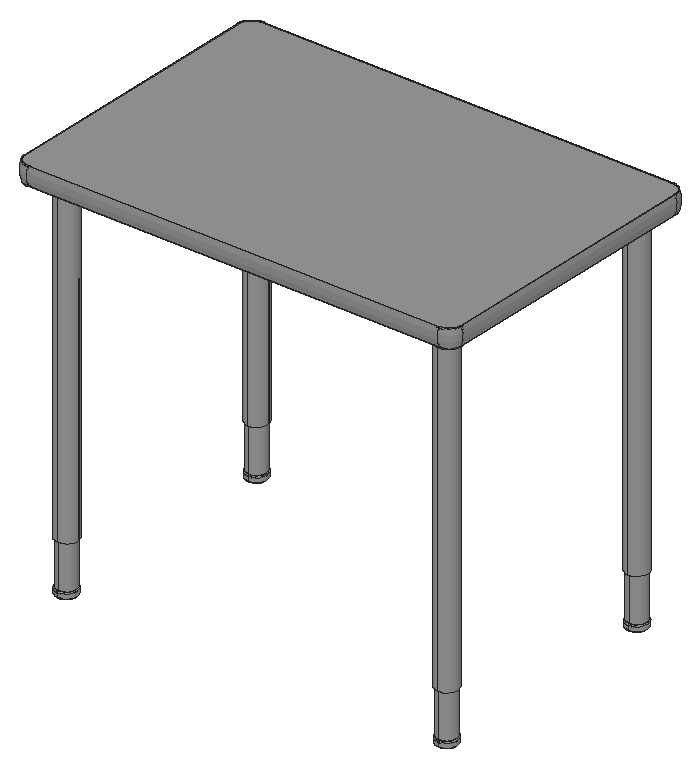
Revit family "Snap Rectangle - Shapes", category Generic Models, Revit 2018
Family settings
  Can host rebar = No
  Round Connector Dimension = Use Diameter
  Part Type = Normal
  Work Plane-Based = No
  Always vertical = Yes
  Cut with Voids When Loaded = No
  Shared = No
  Room Calculation Point = No
Parameters
  Table Height = 2' - 1 1/2"
  Surface = Snap Rectangle S Surface
  Leg Finish = Shapes Leg Platinum
  Edgeband = Snap Rectangle S Edgeband
  Caster/Glider = Shapes Leg - Glider : Shapes Leg - Glider
Reference planes (in)
  plane 1 "Center (Front/Back)": y = 0
  plane 2: z = 0
  plane 3 "Center (Left/Right)": x = 0
  plane 4 "Table Height": z = 25.5
Dimensions and locks (in)
  "Table Height": plane 4 "Table Height" to level
  aligned and locked: plane 2 to level
  aligned and locked: nested 1 to plane 4 "Table Height"
Nested families (in)
  nested 1: "Snap Rectangle Tabletop" at (0, 0, -1.64175), type "Snap Rectangle Tabletop"
  nested 2: "Shapes Leg - Glider" at (-13, 8.25, 0) x (0, 1, 0) z (0, 0, 1), Shapes Leg Finish <- "Leg Finish", Leg Height <- "Table Height", type <- "Caster/Glider", type "Shapes Leg - Glider"
    with Shapes Leg Finish Shapes Leg Platinum, Leg Height 2' - 1 1/2"
  nested 3: "Shapes Leg - Glider" at (-13, -8, 0) x (0, 1, 0) z (0, 0, 1), Shapes Leg Finish <- "Leg Finish", Leg Height <- "Table Height", type "Shapes Leg - Glider"
    with Shapes Leg Finish Shapes Leg Platinum, Leg Height 2' - 1 1/2"
  nested 4: "Shapes Leg - Glider" at (13, 8.25, 0) x (0, 1, 0) z (0, 0, 1), Shapes Leg Finish <- "Leg Finish", Leg Height <- "Table Height", type <- "Caster/Glider", type "Shapes Leg - Glider"
    with Shapes Leg Finish Shapes Leg Platinum, Leg Height 2' - 1 1/2"
  nested 5: "Shapes Leg - Glider" at (13, -8, 0) x (0, 1, 0) z (0, 0, 1), Shapes Leg Finish <- "Leg Finish", Leg Height <- "Table Height", type "Shapes Leg - Glider"
    with Shapes Leg Finish Shapes Leg Platinum, Leg Height 2' - 1 1/2"
Definition of nested family "Snap Rectangle Tabletop"
  Parameters (values of type "Snap Rectangle Tabletop")
    Surface = none
    Edgeband = none
  Reference planes (in)
    plane 1 "Center (Front/Back)": y = 0
    plane 2: z = 0
    plane 3 "Center (Left/Right)": x = 0
  Forms (in)
    Extrusion 1, solid, material <- "Surface"
      sketch origin (0, 1.04902, 0) x (1, 0, 0) y (0, 1, 0)
        loop
          line (14.05799, 8.95098) -> (-14.05799, 8.95098)
          arc (-14.05799, 8.95098) -> (-14.65906, 8.70201) -> (-14.90803, 8.10093) r 0.85005
          line (-14.90803, 8.10093) -> (-14.90803, -10.19898)
          arc (-14.90803, -10.19898) -> (-14.65906, -10.80005) -> (-14.05799, -11.04902) r 0.85005
          line (-14.05799, -11.04902) -> (14.05799, -11.04902)
          arc (14.05799, -11.04902) -> (14.65906, -10.80005) -> (14.90803, -10.19898) r 0.85005
          line (14.90803, -10.19898) -> (14.90803, 8.10093)
          arc (14.90803, 8.10093) -> (14.65906, 8.70201) -> (14.05799, 8.95098) r 0.85005
      from 27.14175 to 28.39175
    Sweep 2, solid, material <- "Edgeband"
      path in 3D
        loop
          arc (-14.05799, 10, 28.39175) -> (-14.65906, 9.75103, 28.39175) -> (-14.90803, 9.14995, 28.39175) r 0.85005
          line (-14.90803, 9.14995, 28.39175) -> (-14.90803, -9.14995, 28.39175)
          arc (-14.90803, -9.14995, 28.39175) -> (-14.65906, -9.75103, 28.39175) -> (-14.05799, -10, 28.39175) r 0.85005
          line (-14.05799, -10, 28.39175) -> (14.05799, -10, 28.39175)
          arc (14.05799, -10, 28.39175) -> (14.65906, -9.75103, 28.39175) -> (14.90803, -9.14995, 28.39175) r 0.85005
          line (14.90803, -9.14995, 28.39175) -> (14.90803, 9.14995, 28.39175)
          arc (14.90803, 9.14995, 28.39175) -> (14.65906, 9.75103, 28.39175) -> (14.05799, 10, 28.39175) r 0.85005
          line (14.05799, 10, 28.39175) -> (-14.05799, 10, 28.39175)
      profile origin (0, 10, 28.39175) x (0, -1, 0) y (0, 0, 1)
        loop
          arc (0, 0) -> (-0.01786, -0.00619) -> (-0.02847, -0.02183) r 0.02997
          arc (-0.02847, -0.02183) -> (-0.11202, -0.62595) -> (-0.02847, -1.23007) r 2.22591
          arc (-0.02847, -1.23007) -> (-0.01779, -1.24511) -> (0, -1.25) r 0.02746
          line (0, -1.25) -> (0, 0)
  Lines and regions (in)
    sketch lines
      curve 1: line (14.05799, 10, 28.39175) -> (-14.05799, 10, 28.39175)
      curve 2: arc (-14.90803, 9.14995, 28.39175) -> (-14.65906, 9.75103, 28.39175) -> (-14.05799, 10, 28.39175) r 0.85005
      curve 3: line (-14.90803, 9.14995, 28.39175) -> (-14.90803, -9.14995, 28.39175)
      curve 4: arc (-14.05799, -10, 28.39175) -> (-14.65906, -9.75103, 28.39175) -> (-14.90803, -9.14995, 28.39175) r 0.85005
      curve 5: line (-14.05799, -10, 28.39175) -> (14.05799, -10, 28.39175)
      curve 6: arc (14.90803, -9.14995, 28.39175) -> (14.65906, -9.75103, 28.39175) -> (14.05799, -10, 28.39175) r 0.85005
      curve 7: line (14.90803, -9.14995, 28.39175) -> (14.90803, 9.14995, 28.39175)
      curve 8: arc (14.05799, 10, 28.39175) -> (14.65906, 9.75103, 28.39175) -> (14.90803, 9.14995, 28.39175) r 0.85005
  Dimensions and locks (in)
    aligned and locked: plane 2 to level
Definition of nested family "Shapes Leg - Glider"
  Parameters (values of type "Shapes Leg - Glider")
    Shapes Leg Finish [instance] = none
    Leg Height [instance] = 2' - 4 1/2"
  Reference planes (in)
    plane 1 "Center (Front/Back)": y = 0
    plane 2: z = 0
    plane 3 "Center (Left/Right)": x = 0
  Forms (in)
    Extrusion 1, solid
      sketch origin (-0.01562, 0, 0) x (1, 0, 0) y (0, 1, 0)
        loop
          circle (0.01563, 0) r 0.64906
      from 0.50586 to 20.17439
  Dimensions and locks (in)
    "Leg Height": nested 2 to level
    aligned and locked: plane 2 to level
  Automatic sketch dimensions
    plane 1 "Center (Front/Back)" to Extrusion 1 sketch curve = 0' - 0"
    Extrusion 1 sketch curve to plane 3 "Center (Left/Right)" = 0' - 0"
    radius of Extrusion 1 sketch curve = 0' - 0.64906"
  Nested families (in)
    nested 1: "Glider" at (0, 0, 0), type "Glider"
    nested 2: "Shapes Upper Leg" at (0, 0, 0), Shapes Leg Finish <- "Shapes Leg Finish", type "Shapes Upper Leg"
      with Shapes Leg Finish none
  Definition of nested family "Glider"
    Reference planes (in)
      plane 1 "Center (Front/Back)": y = 0
      plane 2: z = 0
      plane 3 "Center (Left/Right)": x = 0
    Forms (in)
      Revolve 1, solid
        sketch origin (0, 0, 0) x (1, 0, 0) y (0, 0, 1)
          loop
            line (0.26614, 0.50586) -> (0, 0.50586) -> (0, 0.09994) -> (0.71656, 0.09994) -> (0.71656, 0.37634)
            arc (0.71656, 0.37634) -> (0.70181, 0.41548) -> (0.66511, 0.43552) r 0.06011
            arc (0.66511, 0.43552) -> (0.46609, 0.45951) -> (0.26614, 0.47365) r 4.06535
            line (0.26614, 0.47365) -> (0.26614, 0.50586)
          axis (0, 0.50586) -> (0, 0.09994)
        angle from 0 to 360
      Revolve 2, solid
        sketch origin (0, 0, 0) x (1, 0, 0) y (0, 0, 1)
          loop
            line (0.65534, 0.1212) -> (0, 0.1212) -> (0, 0) -> (0.57593, 0)
            arc (0.57593, 0) -> (0.63208, 0.02326) -> (0.65534, 0.07941) r 0.07941
            line (0.65534, 0.07941) -> (0.65534, 0.1212)
          axis (0, 0.1212) -> (0, 0)
        angle from 0 to 360
    Dimensions and locks (in)
      aligned and locked: plane 2 to level
  Definition of nested family "Shapes Upper Leg"
    Parameters (values of type "Shapes Upper Leg")
      Shapes Leg Finish [instance] = none
    Reference planes (in)
      plane 1 "Center (Front/Back)": y = 0
      plane 2: z = 0
      plane 3 "Center (Left/Right)": x = 0
    Forms (in)
      Extrusion 1, solid, material <- "Shapes Leg Finish"
        sketch origin (0, 0, 0) x (1, 0, 0) y (0, 1, 0)
          loop
            circle (0, 0) r 0.75
        from 6.5 to 28.5
    Dimensions and locks (in)
      aligned and locked: plane 2 to level
